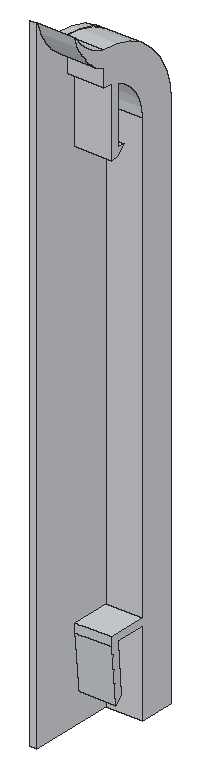
Revit family "HansWeitzel_2053", category Allgemeines Modell, Revit 2017
Family settings
  Basisbauteil = Wand
  Kann Basisbauteil für Bewehrung sein = Nein
  Bemaßung runder Anschluss = Durchmesser verwenden
  Teiletyp = Normal
  Immer vertikal = Ja
  Beim Laden mit Abzugskörper schneiden = Nein
  Gemeinsam genutzt = Nein
  Raumberechnungspunkt = Nein
Parameters
  max. Betriebstemperatur (°C) = 90
  Werkstoff = "Polystyrol"
  Wandmontage möglich = yes
  Typname = "HZ-Stoßverbinder BLF Nussbaum"
  Tiefe (mm) = 30
  Profilart = "Anschlussprofi"
  Menge pro Verpackungseinheit = 10
  Ist Zubehör = no
  Ist System = no
  Höhe [mm] = 93
  Hersteller = "Hans Weitzel GmbH & Co. KG"
  HeinzeBIM = "https://www.heinze.de/bim/hz-stossverbinder-blf-nussbaum/7d6a4c9a44eebe67a603b696fec30bdfab692b44"
  HAN = "2053"
  Gewicht unverpackt (netto) [kg] = 0.008
  GTIN = "4022023219210"
  Farbton = "Holzart/Holzdekor"
  Dekor = "Nussbaum"
  Breite [mm] = 40
  Beschreibung = "HZ-Stoßverbinder BLF Nussbaum Formteil an Sollbruchstelle einkürzen"
  BIMSITE_PRODUCT_ID = "7d6a4c9a44eebe67a603b696fec30bdfab692b44"
  BIM = "https://media.live.bim.site/t/eyJhbGciOiJIUzI1NiIsInR5cCI6IkpXVCJ9.eyJjdCI6MSwidGYiOiJwdWJsaWMvaGFucy13ZWl0emVsLWdtYmgtY28ta2cvMjI1MGEyZS9IWl9CTEZfU3Rvc3N2ZXJiaW5kZXJfQmxpbmRsLnJmYSIsImNpZCI6ImZlZDk4ZTlhLTFiZDgtNGM2OC1hNzNiLTc0YTk0ZTMxNTgyMyIsInJpZCI6ImQ0MjIyNGZlOTZhYjNhMGIxZmE4ZDI1NjFhNGNhOGMwIiwicGlkIjoiN2Q2YTRjOWE0NGVlYmU2N2E2MDNiNjk2ZmVjMzBiZGZhYjY5MmI0NCIsInNpZCI6IjYzNTU4IiwidXQiOjUsImxjIjoiZGUiLCJpYXQiOjE1ODAyMDE5NDMsImlzcyI6Imh0dHBzOi8vYXBpLmxpdmUuYmltLnNpdGUiLCJzdWIiOiJmNTg2YzRiNi1hNTA4LTQyN2EtOTgxOC0xMzE3OTY2NTc2YmMifQ.VNKwVDKV9gvoYevdXCGw2sTbc81DTk34o5xPPJPqjHc/HZ_BLF_Stossverbinder_Blindl.rfa"
Reference planes
  plane 1: y = 0
  plane 2 "Center (Left/Right)": x = 0
  plane 3 "Wall Edge": y = 76.2
Text (mm)
  text "Placement Side" at (0, 1019.848, 3124.603), in view "Right"
  text "Placement Side" at (-1787.662, 723.012, 0), in view "Ref. Level"
  text "Placement Side" at (0, 2073.289, 3571.227), in view "Left"
Dimensions and locks
  locked: plane 3 "Wall Edge" to host wall
  aligned and locked: plane 3 "Wall Edge" to nested 1
Nested families
  nested 1: "HZ_BLF_Stossverbinder_Blindl" at (1, 76.2, 0), type "HZ_BLF_Stossverbinder_Blindl"
Definition of nested family "HZ_BLF_Stossverbinder_Blindl"
  Reference planes
    plane 1 "Center (Front/Back)": y = 0
    plane 2: z = 0
    plane 3 "Center (Left/Right)": x = 0
  Forms (mm)
    Extrusion 1, solid
      sketch origin (0, 0, 0) x (0, 1, 0) y (0, 0, 1)
        loop
          arc (16, 72) -> (12.727, 79.83) -> (4.854, 82.999) r 11
          arc (4.854, 82.999) -> (2.091, 84.316) -> (0, 86.553) r 8.222
          arc (0, 86.553) -> (1.757, 83.087) -> (4.851, 80.736) r 8.67
          line (4.851, 80.736) -> (4.851, 78.472)
          arc (4.851, 78.472) -> (5.499, 78.442) -> (6.14, 78.346) r 6.5
          line (6.14, 78.346) -> (6.14, 69.232) -> (7.064, 69.232) -> (8.141, 70.371) -> (7.148, 70.371) -> (7.148, 78.059)
          arc (7.148, 78.059) -> (10.208, 75.675) -> (11.366, 71.972) r 6.5
          line (11.366, 71.972) -> (11.366, 12.318) -> (6.13, 12.318) -> (6.13, 11.14) -> (6.85, 3.802) -> (7.723, 4.72) -> (7.157, 11.4) -> (11.366, 11.4) -> (11.366, 0) -> (16, 0) -> (16, 72)
      from 0 to 5
    Extrusion 2, solid
      sketch origin (-1, 0, 0) x (0, 1, 0) y (0, 0, 1)
        loop
          line (16, 0) -> (16, 72)
          arc (16, 72) -> (12.727, 79.83) -> (4.854, 82.999) r 11
          arc (4.854, 82.999) -> (2.091, 84.316) -> (0, 86.553) r 8.222
          line (0, 86.553) -> (0, 0) -> (16, 0)
      from 0 to 1
  Dimensions and locks
    aligned and locked: plane 2 to level
